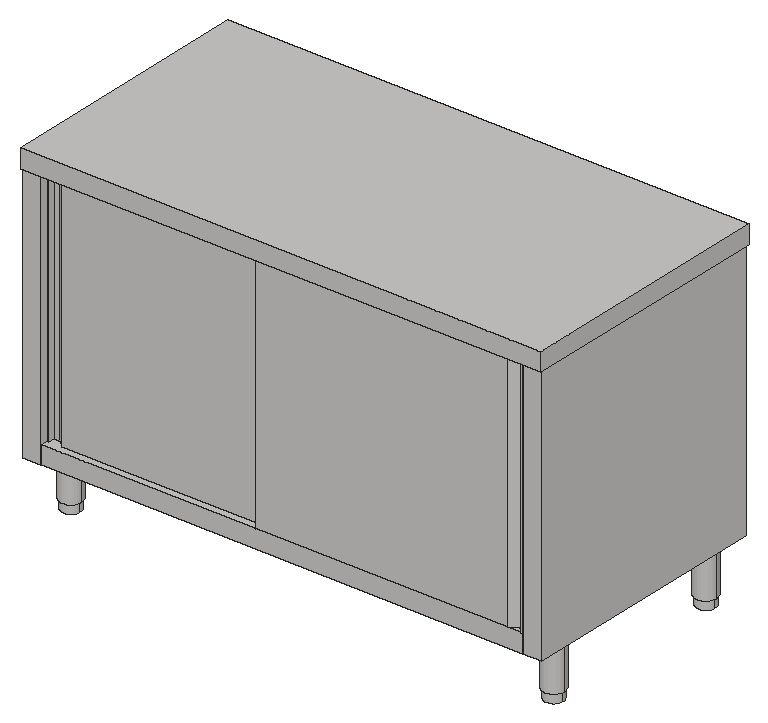
Revit family "QF_ELECTROLUXPROFESSIONAL_132858_MS1407N", category Attrezzature speciali, Revit 2020
Family settings
  Quota connettore circolare = Usa diametro
  Tipo di parte = Normale
  Basato su piano di lavoro = No
  Sempre verticale = Sì
  Taglio con vuoti quando caricato = No
  Condiviso = No
  Punto di calcolo locali = No
Parameters (values of type "Standard")
  Weight = 60.00 kg
  Watts = 0 W
  Volts = 0 V
  URL Manufacturer = "https://www.electroluxprofessional.com/"
  URL = "https://www.electroluxprofessional.com/"
  Steam Supply Size = 0 mm
  Steam Supply Minimum Pressure = 0.0 Pa
  Steam Supply Maximum Pressure = 0.0 Pa
  Steam Consumption per Hour = 0
  Refrigeration Suction Line Size = 0.0 mm
  Refrigeration Liquid Line Size = 0.0 mm
  Refrigerant Compressor Remote = yes
  Prospetto di default = 0.0 mm
  Produttore = "Electrolux Professional"
  Phase = 0
  Modello = "MS1407N"
  Length Actual = 1400.0 mm  # constant formula
  Item Number = "132858"
  Hot Water Size = 0 mm
  Height Actual = 900.0 mm  # constant formula
  HP = "0 HP"
  Gas Size = 0 mm
  Gas KW = 0
  Gas Input Pressure = 0 W
  Direct Waste Size = 0 mm
  Descrizione = "WORKTOP CUPBOARD 1400MM"
  Depth Actual = 700.0 mm  # constant formula
  Cycle = 0 Hz
  Condensate Return Size = 0 mm
  Compressed Air Volume = 0.0 L/s
  Compressed Air Size = 0 mm
  Compressed Air Pressure = 0.0 Pa
  Cold Water Size = 0 mm
  Accessory = yes
Reference planes
  plane 1 "Center (Front/Back)": y = 0
  plane 2: z = 0
  plane 3 "Center (Left/Right)": x = -200
  plane 4 "LEFT": x = -900
  plane 5 "RIGHT": x = 500
  plane 6 "BACK": y = 350
  plane 7 "FRONT": y = -350
  plane 8 "Base": z = 850
  plane 9 "TOP": z = 900
  plane 10: x = -850
  plane 11: x = 450
  plane 12: y = 270
  plane 13: y = -241.9
  plane 14 "BodyLeft": x = -899
  plane 15 "BodyFront": y = -344.5
  plane 16 "BodyRight": x = 499
  plane 17 "BodyBack": y = 344.5
  plane 18 "FEET": z = 150
  plane 19: x = -130
  plane 20: x = -270
Forms (mm)
  Extrusion 1, solid, material "QF_Finishes_Stainless Steel"
    sketch origin (-200, 0, 0) x (0, 1, 0) y (0, 0, 1)
      loop
        line (-350, 850) -> (350, 850) -> (350, 900) -> (-350, 900) -> (-350, 850)
    from 700 to -700
  Extrusion 2, solid, material "QF_Finishes_Stainless Steel"
    sketch origin (0, 0, 150) x (-1, 0, 0) y (0, -1, 0)
      loop
        line (899, -344.5) -> (899, 344.5) -> (849, 344.5) -> (849, -344.5) -> (899, -344.5)
      loop
        line (-449, -344.5) -> (-449, 344.5) -> (-499, 344.5) -> (-499, -344.5) -> (-449, -344.5)
    from 0 to 700
  Extrusion 3, solid, material "QF_Finishes_Stainless Steel"
    sketch origin (0, 0, 150) x (-1, 0, 0) y (0, -1, 0)
      loop
        line (846.685, -344.5) -> (846.685, 344.5) -> (-447.6, 344.5) -> (-447.6, -344.5) -> (846.685, -344.5)
    from 0 to 50
  Extrusion 4, solid, material "QF_Finishes_Stainless Steel"
    sketch origin (0, 0, 150) x (-1, 0, 0) y (0, -1, 0)
      loop
        line (846.685, -344.5) -> (846.685, -294.5) -> (-447.6, -294.5) -> (-447.6, -344.5) -> (846.685, -344.5)
    from 50 to 700
  Extrusion 5, solid, material "QF_Finishes_Stainless Steel"
    sketch origin (0, 0, 150) x (-1, 0, 0) y (0, -1, 0)
      loop
        line (-447.6, 344.5) -> (-447.6, 324.5) -> (270, 324.5) -> (270, 344.5) -> (-407.6, 344.5) -> (-427.6, 329.5) -> (-442.6, 329.5) -> (-442.6, 344.5) -> (-447.6, 344.5)
    from 50 to 700
  Extrusion 6, solid, material "QF_Finishes_Stainless Steel"
    sketch origin (0, 20, 150) x (1, 0, 0) y (0, 1, 0)
      loop
        line (-847.6, -344.5) -> (-842.6, -344.5) -> (-842.6, -329.5) -> (-827.6, -329.5) -> (-807.6, -344.5) -> (-130, -344.5) -> (-130, -324.5) -> (-847.6, -324.5) -> (-847.6, -344.5)
    from 50 to 700
Lines and regions (mm)
  symbolic lines
    curve 1: line (500, 350, 900) -> (-900, 350, 900)
    curve 2: line (-900, 350, 900) -> (-900, -350, 900)
    curve 3: line (-900, -350, 900) -> (500, -350, 900)
    curve 4: line (500, -350, 900) -> (500, 350, 900)
  symbolic lines, style "SpecialityEquipmentHiddenLines"
    curve 5: line (-899, 344.5, 150) -> (499, 344.5, 150)
    curve 6: line (-899, -344.5, 150) -> (-899, 344.5, 150)
    curve 7: line (499, -344.5, 150) -> (-899, -344.5, 150)
    curve 8: line (499, 344.5, 150) -> (499, -344.5, 150)
    curve 9: line (-847.6, -304.5, 150) -> (-130, -304.5, 150)
    curve 10: line (-130, -304.5, 150) -> (-130, -324.5, 150)
    curve 11: line (-847.6, -324.5, 150) -> (447.6, -324.5, 150)
    curve 12: line (447.6, -324.5, 150) -> (447.6, -344.5, 150)
    curve 13: line (-270, -324.5, 150) -> (-270, -344.5, 150)
    curve 14: line (-847.6, -304.5, 150) -> (-847.6, -324.5, 150)
Dimensions and locks
  plane 4 "LEFT" to plane 5 "RIGHT" = 1400.0 mm
  equal spacing: plane 4 "LEFT", plane 3 "Center (Left/Right)", plane 5 "RIGHT"
  locked: plane 8 "Base" to level at 850
  plane 9 "TOP" to level = 900.0 mm
  plane 6 "BACK" to plane 7 "FRONT" = 700.0 mm
  equal spacing: plane 6 "BACK", plane 1 "Center (Front/Back)", plane 7 "FRONT"
  locked: plane 4 "LEFT" to plane 14 "BodyLeft" at 1
  locked: plane 16 "BodyRight" to plane 5 "RIGHT" at 1
  locked: plane 15 "BodyFront" to plane 7 "FRONT" at 5.5
  locked: plane 6 "BACK" to plane 17 "BodyBack" at 5.5
  locked: plane 14 "BodyLeft" to plane 10 at 49
  locked: plane 11 to plane 16 "BodyRight" at 49
  locked: plane 13 to plane 15 "BodyFront" at 102.6
  locked: plane 17 "BodyBack" to plane 12 at 74.5
  plane 10 to plane 11 = 1300.0 mm
  plane 12 to plane 13 = 511.9 mm
  locked: plane 14 "BodyLeft" to Extrusion 2 sketch curve at 50
  locked: Extrusion 2 sketch curve to Extrusion 2 sketch curve at 50
  Extrusion 3 to Extrusion 4 sketch curve = 50.0 mm
  locked: plane 3 "Center (Left/Right)" to plane 19 at 70
  locked: plane 20 to plane 3 "Center (Left/Right)" at 70
  locked: plane 18 "FEET" to level at 150
  aligned and locked: level to plane 2
  aligned and locked: plane 10 to nested 1
  aligned and locked: nested 1 to plane 13
  aligned and locked: plane 11 to nested 2
  aligned and locked: nested 2 to plane 13
  aligned and locked: plane 11 to nested 4
  aligned and locked: nested 4 to plane 12
  aligned and locked: plane 10 to nested 3
  aligned and locked: nested 3 to plane 12
  aligned and locked: Extrusion 1 to plane 4 "LEFT"
  aligned and locked: plane 5 "RIGHT" to Extrusion 1
  aligned and locked: curve 2 to plane 4 "LEFT"
  aligned and locked: plane 17 "BodyBack" to Extrusion 2 sketch curve
  aligned and locked: Extrusion 2 sketch curve to plane 15 "BodyFront"
  aligned and locked: Extrusion 2 sketch curve to plane 14 "BodyLeft"
  aligned and locked: plane 16 "BodyRight" to Extrusion 2 sketch curve
  aligned and locked: Extrusion 2 sketch curve to plane 17 "BodyBack"
  aligned and locked: plane 15 "BodyFront" to Extrusion 2 sketch curve
  aligned and locked: Extrusion 3 sketch curve to plane 17 "BodyBack"
  aligned and locked: plane 15 "BodyFront" to Extrusion 3 sketch curve
  aligned and locked: plane 8 "Base" to Extrusion 2
  aligned and locked: Extrusion 4 sketch curve to Extrusion 3
  aligned and locked: plane 8 "Base" to Extrusion 5
  aligned and locked: Extrusion 5 to Extrusion 3
  aligned and locked: Extrusion 6 sketch curve to plane 19
  aligned and locked: Extrusion 5 sketch curve to plane 20
  aligned and locked: Extrusion 1 to plane 8 "Base"
  aligned and locked: plane 9 "TOP" to Extrusion 1
  aligned and locked: curve 5 to plane 17 "BodyBack"
  aligned and locked: plane 14 "BodyLeft" to curve 6
  aligned and locked: plane 15 "BodyFront" to curve 7
  aligned and locked: plane 16 "BodyRight" to curve 8
Automatic sketch dimensions
  curve 3 to plane 7 "FRONT" = 0.0 mm
  curve 4 to plane 6 "BACK" = 0.0 mm
  Extrusion 1 sketch curve to plane 7 "FRONT" = 0.0 mm
  plane 9 "TOP" to Extrusion 1 sketch curve = 0.0 mm
  Extrusion 1 sketch curve to plane 6 "BACK" = 0.0 mm
  Extrusion 1 sketch curve to plane 8 "Base" = 0.0 mm
  Extrusion 5 sketch curve to plane 15 "BodyFront" = 0.0 mm  (x2)
  Extrusion 5 sketch curve to plane 11 = 2.4 mm
  Extrusion 5 sketch curve to Extrusion 5 sketch curve = 5.0 mm
  Extrusion 5 sketch curve to Extrusion 5 sketch curve = 15.0 mm
  Extrusion 5 sketch curve to Extrusion 5 sketch curve = 20.0 mm
  plane 15 "BodyFront" to Extrusion 5 sketch curve = 15.0 mm
  plane 15 "BodyFront" to Extrusion 5 sketch curve = 20.0 mm
  Extrusion 6 sketch curve to plane 15 "BodyFront" = 20.0 mm  (x2)
  Extrusion 6 sketch curve to plane 10 = 2.4 mm
  Extrusion 6 sketch curve to Extrusion 6 sketch curve = 5.0 mm
  Extrusion 6 sketch curve to Extrusion 6 sketch curve = 15.0 mm
  Extrusion 6 sketch curve to Extrusion 6 sketch curve = 20.0 mm  (x2)
  Extrusion 6 sketch curve to plane 15 "BodyFront" = 35.0 mm
  Extrusion 3 sketch curve to plane 11 = 2.4 mm
  plane 10 to Extrusion 3 sketch curve = 3.315 mm
  Extrusion 4 sketch curve to plane 11 = 2.4 mm
  plane 10 to Extrusion 4 sketch curve = 3.315 mm
  curve 10 to plane 19 = 0.0 mm
  curve 13 to plane 20 = 0.0 mm
  curve 11 to plane 11 = 2.4 mm
  plane 15 "BodyFront" to curve 9 = 40.0 mm
  curve 12 to curve 12 = 20.0 mm
  plane 10 to curve 14 = 2.4 mm
  curve 4 to plane 5 "RIGHT" = 0.0 mm
Nested families
  nested 1: "FEET_D58-150" at (-850, -241.9, 0), type "FEET_D58-150"
  nested 2: "FEET_D58-150" at (450, -241.9, 0), type "FEET_D58-150"
  nested 3: "FEET_D58-150" at (-850, 270, 0), type "FEET_D58-150"
  nested 4: "FEET_D58-150" at (450, 270, 0), type "FEET_D58-150"
Definition of nested family "FEET_D58-150"
  Parameters
    Default Elevation = 0.0 mm
    FEET = 150.0 mm
  Reference planes
    plane 1 "Center (Front/Back)": y = 0
    plane 2: z = 0
    plane 3 "Center (Left/Right)": x = 0
    plane 4: z = 150
  Forms (mm)
    Extrusion 1, solid
      sketch origin (0, 0, 0) x (1, 0, 0) y (0, 1, 0)
        loop
          circle (0, 0) r 25
      from 0 to 25
    Extrusion 2, solid
      sketch origin (0, 0, 0) x (1, 0, 0) y (0, 1, 0)
        loop
          circle (0.061, 0) r 29
      from 25 to 150 <- "FEET"
  Lines and regions (mm)
    symbolic lines
      curve 1: line (0, -1.503, 0) -> (0, 1.508, 0)
      curve 2: line (1.561, 0, 0) -> (-1.439, 0, 0)
  Dimensions and locks
    "FEET": plane 4 to plane 2
    aligned and locked: level to plane 2
  Automatic sketch dimensions
    plane 1 "Center (Front/Back)" to Extrusion 1 sketch curve = 0.0 mm
    Extrusion 1 sketch curve to plane 3 "Center (Left/Right)" = 0.0 mm
    plane 1 "Center (Front/Back)" to curve 2 = 0.0 mm
    curve 1 to plane 3 "Center (Left/Right)" = 0.0 mm
    curve 2 to plane 3 "Center (Left/Right)" = 1.439 mm
    plane 3 "Center (Left/Right)" to curve 2 = 1.561 mm
    plane 1 "Center (Front/Back)" to curve 1 = 1.503 mm
    curve 1 to plane 1 "Center (Front/Back)" = 1.508 mm
    plane 1 "Center (Front/Back)" to Extrusion 2 sketch curve = 0.0 mm
    plane 3 "Center (Left/Right)" to Extrusion 2 sketch curve = 0.061 mm
    radius of Extrusion 1 sketch curve = 25.0 mm
    radius of Extrusion 2 sketch curve = 29.0 mm
